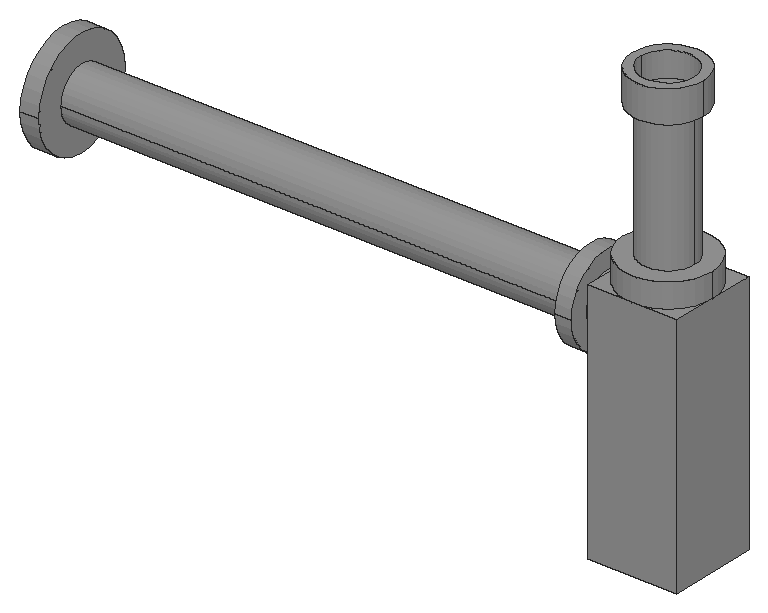
Revit family "SIFON CUAD", category Plumbing Fixtures, Revit 2019
Family settings
  Round Connector Dimension = Use Diameter
  Part Type = Normal
  OmniClass Number = 23.45.00.00
  OmniClass Title = Sanitary, Laundry, and Cleaning Equipment
  Work Plane-Based = No
  Always vertical = Yes
  Cut with Voids When Loaded = No
  Shared = No
  Room Calculation Point = No
Reference planes
  plane 1 "Center (Front/Back)": y = 0
  plane 2: z = 0
  plane 3 "Center (Left/Right)": x = 0
Forms (mm)
  Extrusion 1, solid
    sketch origin (0, 0, 0) x (0, 1, 0) y (0, 0, 1)
      loop
        circle (0, 0) r 15
    from 0 to 295
  Extrusion 2, solid
    sketch origin (0, 0, 0) x (0, 1, 0) y (0, 0, 1)
      loop
        circle (0, 0) r 25
    from 295 to 304.34
  Extrusion 3, solid
    sketch origin (0, 0, 0) x (0, 1, 0) y (0, 0, 1)
      loop
        circle (0, 0) r 15
    from 304.34 to 330.047
  Extrusion 4, solid
    sketch origin (0, 0, 0) x (1, 0, 0) y (0, 1, 0)
      loop
        circle (338.294, 0) r 15
    from 34.515 to 110.578
  Extrusion 5, solid
    sketch origin (0, 0, 0) x (1, 0, 0) y (0, 1, 0)
      loop
        circle (338.294, 0) r 20
    from 110.578 to 128.376
  Extrusion 6, void
    sketch origin (0, 0, 0) x (1, 0, 0) y (0, 1, 0)
      loop
        circle (338.294, 0) r 15
    from 114.085 to 128.376
  Extrusion 7, solid
    sketch origin (0, 0, 0) x (1, 0, 0) y (0, 1, 0)
      loop
        circle (338.294, 0) r 25
    from 20.959 to 34.515
  Extrusion 8, solid
    sketch origin (0, 0, 0) x (0, 1, 0) y (0, 0, 1)
      loop
        circle (0, 0) r 30
    from 0 to 10.32
  Extrusion 9, solid
    sketch origin (0, 0, 0) x (1, 0, 0) y (0, 1, 0)
      loop
        line (313.294, 0) -> (313.294, -25) -> (363.294, -25) -> (363.294, 25) -> (313.294, 25) -> (313.294, 0)
    from -115.928 to 20.959
Cuts and joins
  Extrusion 6 cuts Extrusion 4
  Extrusion 6 cuts Extrusion 5
  Extrusion 6 cuts Extrusion 3
Dimensions and locks
  aligned and locked: level to plane 2
Connectors
  piping at (0, 0, 0), diameter 30
    settings: on Extrusion 1, index 1, connector inside diameter 609.6 mm, connector length 0 mm, flow factor 0, pipe flow 0.0 L/s, pressure drop 0.0 Pa, fitting loss kfactor 0, connector angle 0.00°, fixture units 0, engagement length 0 mm, angle of deflection 0.00°, flow configuration 0, flow direction 0, fitting loss method 0, system type 7, joint type 0, gender type 0, connector reference index -1, connector utility 0, adjustable connector no, is connector primary yes, connector description ""
